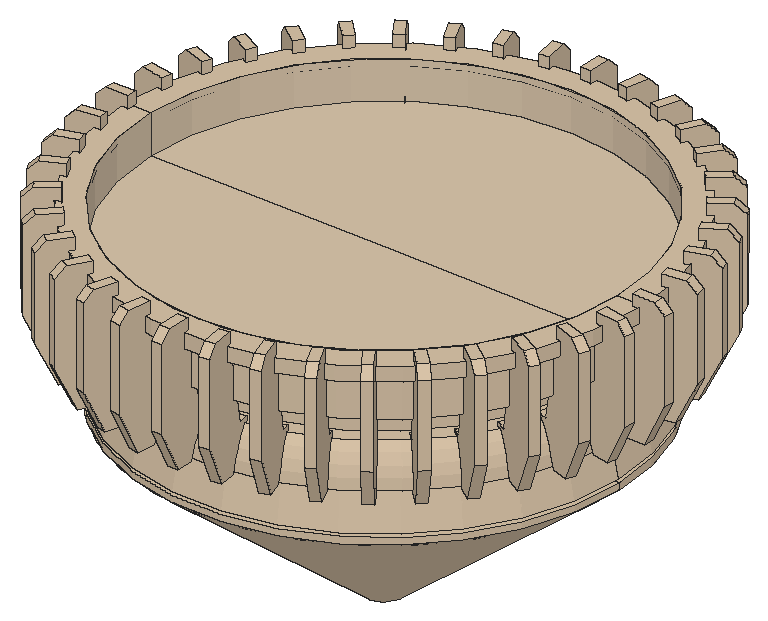
Revit family "KHL_Kemlux-Cone", category Lighting Fixtures, host Face, Revit 2013
Parameters (values of type "KHL-18L-X-5K-5M")
  Wattage Comments = "43 Watts, 18 LEDs"
  Wattage = 43 W
  Watt = 43 W
  built-in parameter 1150110 = 1 (stored number, unit not read)
  Voltage = 277 V
  URL = "http://www.hubbellindustrial.com/"
  built-in parameter 1114217 = 1 (stored number, unit not read)
  Tilt Angle = -90.00°
  built-in parameter 1150109 = 1 (stored number, unit not read)
  built-in parameter 1150134 = 2
  built-in parameter 1150113 = 1 (stored number, unit not read)
  Product Page URL = "http://www.hubbellindustrial.com/products/kh_iii_led"
  Product Documentation Link = "http://cdn.hubbellindustrial.com/content/products/specs/specs_files/hil_khl_specsht.pdf"
  Power Factor = 1
  Photometric Web Link = "http://www.hubbellindustrial.com/products/khl_flood"
  Photometric Web File = "KXL-18L-X-5K-5M.ies"
  Optics = "Type V Square"
  Model = "KHL - Kemlux III LED"  # constant formula
  Material Finish = Hubbell - Tan
  Manufacturer = "Hubbell Industrial Lighting"  # constant formula
  built-in parameter 1150105 = 345.6 (stored number, unit not read)
  Lumens = 4343 lm
  built-in parameter 1150115 = 1 (stored number, unit not read)
  Load Classification = Lighting
  built-in parameter 1150137 = (empty or 0)
  built-in parameter 1150139 = (empty or 0)
  built-in parameter 1150112 = 1 (stored number, unit not read)
  built-in parameter 1150114 = 1 (stored number, unit not read)
  Lamp = "18 High Performanc LEDs"
  built-in parameter 1150132 = (empty or 0)
  built-in parameter 1150102 = (empty or 0)
  built-in parameter 1150107 = 5000 (stored number, unit not read)
  built-in parameter 1150138 = (empty or 0)
  built-in parameter 1150106 = 3.456 (stored number, unit not read)
  Glass = Hubbell - White Glass
  Emit from Circle Diameter = 0' - 11"
  Emit Shape Visible in Rendering = no
  built-in parameter 1150104 = 9.3832 (stored number, unit not read)
  Dimming Lamp Color Temperature Shift = <None>
  Description = "Class I, Division 2 LED Fixture Series"  # constant formula
  Default Elevation = 4' - 0"
  Color Filter = 16777215
  built-in parameter 1114218 = 1 (stored number, unit not read)
  built-in parameter 1150133 = 10 (stored number, unit not read)
  Apparent Load = Watt / Power Factor  # 43 VA
Reference planes (in)
  plane 1 "Center (Front/Back)": y = 0
  plane 2: z = 0
  plane 3 "Center (Left/Right)": x = 0
  plane 4: x = -7
  plane 5: x = 7
Forms (in)
  Revolve 1, solid, material "Hubbell - Tan" <- "Material Finish"
    sketch origin (0, 0, 0) x (1, 0, 0) y (0, 0, 1)
      loop
        line (0, 0) -> (0.5, 0) -> (6, 4.37652) -> (0, 4.37652) -> (0, 0)
      axis (0, 4.37652) -> (0, 0)
    angle from 0 to 360
Dimensions and locks (in)
  equal spacing: plane 5, plane 3 "Center (Left/Right)", plane 4, locked at 7 each
  aligned and locked: plane 2 to host face
  aligned and locked: level to host face
  aligned and locked: nested 1 to plane 3 "Center (Left/Right)"
  aligned and locked: nested 1 to plane 1 "Center (Front/Back)"
  aligned and locked: plane 3 "Center (Left/Right)" to imposter light
  aligned and locked: imposter light to plane 1 "Center (Front/Back)"
  aligned and locked: imposter light to nested 1
Automatic sketch dimensions
  host sketch curve to host sketch curve = 8' - 0"  (x2)
  Revolve 1 sketch curve to level = 0' - 0"
  plane 5 to Revolve 1 sketch curve = 0' - 1"
  level to Revolve 1 sketch curve = 0' - 4.37652"
  Revolve 1 sketch curve to plane 3 "Center (Left/Right)" = 0' - 0"  (x2)
  plane 3 "Center (Left/Right)" to Revolve 1 sketch curve = 0' - 0 1/2"
  Revolve 1 sketch curve to level = 0' - 6.62348"
  Revolve 1 sketch curve to Revolve 1 sketch curve = 1' - 3 1/2"
Nested families (in)
  nested 1: "KHL" at (0, 0, 4.37652) x (-1, 0, 0) z (0, 0, 1), type "KHL"
Connectors (in)
  electrical at (0, 0, 4.37652), driven by "Load Classification", driven by "Voltage", driven by "Apparent Load", driven by "Power Factor"
    settings: on nested 1, index 1, voltage 277 V, apparent load 43 VA, apparent load phase1 0 VA, apparent load phase2 0 VA, apparent load phase3 0 VA, power factor 1, load classification "Lighting", number of poles 1, system type 30, power factor state 1, is connector primary yes, connector utility no, sub classification motor no, connector description "Lighting Connector"
Definition of nested family "KHL"
  Parameters (values of type "KHL")
    Wattage Comments = ""
    URL = ""
    Model = ""
    Material Finish = none
    Manufacturer = ""
    Lamp = ""
    IES FILE LINK = ""
    Glass = none
    Description = ""
    Default Elevation = 4' - 0"
    Apparent Load = 0 VA
  Reference planes (in)
    plane 1 "Center (Front/Back)": y = 0
    plane 2: z = 0
    plane 3 "Center (Left/Right)": x = 0
    plane 4: x = -7.25
    plane 5: x = 7.25
    plane 6: x = -5.5
    plane 7: x = 5.5
  Forms (in)
    Extrusion 1, solid
      sketch origin (0, 0, 0) x (1, 0, 0) y (0, 1, 0)
        loop
          line (-48, 48) -> (-48, -48) -> (48, -48) -> (48, 48) -> (-48, 48)
      from 0 to -12
    Revolve 2, solid, material <- "Material Finish"
      sketch origin (0, 0, -1.3125) x (1, 0, 0) y (0, 0, 1)
        loop
          line (5.73742, 2.6875) -> (6.24933, 2.6875)
          arc (6.24933, 2.6875) -> (6.15662, 3.19814) -> (5.89032, 3.6436) r 1.45262
          line (5.89032, 3.6436) -> (5.5, 3.6436) -> (5.5, 4.37254) -> (6.34375, 4.37254) -> (6.34375, 5.37007) -> (6.59375, 5.37007) -> (6.59375, 5.71977) -> (5.95302, 5.71977) -> (5.95302, 4.75) -> (0, 4.75) -> (0, 1.3125) -> (6, 1.3125) -> (6, 1.47979) -> (5.5, 1.47979) -> (5.5, 1.5625) -> (5.99031, 1.5625) -> (5.73742, 2.6875)
        axis (0, 5.71977) -> (0, 1.3125)
      angle from 0 to 360
    Extrusion 3, solid, material <- "Glass"
      sketch origin (0, 0, -1.3125) x (1, 0, 0) y (0, 1, 0)
        loop
          circle (0, 0) r 5.95302
      from 5.71977 to 5.56262
    Extrusion 4, solid, material <- "Material Finish"
      sketch origin (0, 0, -1.3125) x (1, 0, 0) y (0, 0, 1)
        loop
          line (6.42821, 6) -> (6.42821, 5.66655) -> (6.045, 3.7335) -> (5.75, 3.7335) -> (5.75, 3.06247) -> (6.1875, 3.06247) -> (6.31956, 2.66852) -> (6.75, 2.66852) -> (7.25, 3.69367) -> (7.25, 5.75) -> (7, 6) -> (6.42821, 6)
      from 0.125 to -0.125
    Extrusion 5, solid, material <- "Material Finish"
      sketch origin (0, 0, -1.3125) x (0.987688, -0.156434, 0) y (0, 0, 1)
        loop
          line (6.42821, 6) -> (6.42821, 5.66655) -> (6.045, 3.7335) -> (5.75, 3.7335) -> (5.75, 3.06247) -> (6.1875, 3.06247) -> (6.31956, 2.66852) -> (6.75, 2.66852) -> (7.25, 3.69367) -> (7.25, 5.75) -> (7, 6) -> (6.42821, 6)
      from 0.125 to -0.125
    Extrusion 6, solid, material <- "Material Finish"
      sketch origin (0, 0, -1.3125) x (0.951057, -0.309017, 0) y (0, 0, 1)
        loop
          line (6.42821, 6) -> (6.42821, 5.66655) -> (6.045, 3.7335) -> (5.75, 3.7335) -> (5.75, 3.06247) -> (6.1875, 3.06247) -> (6.31956, 2.66852) -> (6.75, 2.66852) -> (7.25, 3.69367) -> (7.25, 5.75) -> (7, 6) -> (6.42821, 6)
      from 0.125 to -0.125
    Extrusion 7, solid, material <- "Material Finish"
      sketch origin (0, 0, -1.3125) x (0.891007, -0.45399, 0) y (0, 0, 1)
        loop
          line (6.42821, 6) -> (6.42821, 5.66655) -> (6.045, 3.7335) -> (5.75, 3.7335) -> (5.75, 3.06247) -> (6.1875, 3.06247) -> (6.31956, 2.66852) -> (6.75, 2.66852) -> (7.25, 3.69367) -> (7.25, 5.75) -> (7, 6) -> (6.42821, 6)
      from 0.125 to -0.125
    Extrusion 8, solid, material <- "Material Finish"
      sketch origin (0, 0, -1.3125) x (0.809017, -0.587785, 0) y (0, 0, 1)
        loop
          line (6.42821, 6) -> (6.42821, 5.66655) -> (6.045, 3.7335) -> (5.75, 3.7335) -> (5.75, 3.06247) -> (6.1875, 3.06247) -> (6.31956, 2.66852) -> (6.75, 2.66852) -> (7.25, 3.69367) -> (7.25, 5.75) -> (7, 6) -> (6.42821, 6)
      from 0.125 to -0.125
    Extrusion 9, solid, material <- "Material Finish"
      sketch origin (0, 0, -1.3125) x (0.707107, -0.707107, 0) y (0, 0, 1)
        loop
          line (6.42821, 6) -> (6.42821, 5.66655) -> (6.045, 3.7335) -> (5.75, 3.7335) -> (5.75, 3.06247) -> (6.1875, 3.06247) -> (6.31956, 2.66852) -> (6.75, 2.66852) -> (7.25, 3.69367) -> (7.25, 5.75) -> (7, 6) -> (6.42821, 6)
      from 0.125 to -0.125
    Extrusion 10, solid, material <- "Material Finish"
      sketch origin (0, 0, -1.3125) x (0.587785, -0.809017, 0) y (0, 0, 1)
        loop
          line (6.42821, 6) -> (6.42821, 5.66655) -> (6.045, 3.7335) -> (5.75, 3.7335) -> (5.75, 3.06247) -> (6.1875, 3.06247) -> (6.31956, 2.66852) -> (6.75, 2.66852) -> (7.25, 3.69367) -> (7.25, 5.75) -> (7, 6) -> (6.42821, 6)
      from 0.125 to -0.125
    Extrusion 11, solid, material <- "Material Finish"
      sketch origin (0, 0, -1.3125) x (0.45399, -0.891007, 0) y (0, 0, 1)
        loop
          line (6.42821, 6) -> (6.42821, 5.66655) -> (6.045, 3.7335) -> (5.75, 3.7335) -> (5.75, 3.06247) -> (6.1875, 3.06247) -> (6.31956, 2.66852) -> (6.75, 2.66852) -> (7.25, 3.69367) -> (7.25, 5.75) -> (7, 6) -> (6.42821, 6)
      from 0.125 to -0.125
    Extrusion 12, solid, material <- "Material Finish"
      sketch origin (0, 0, -1.3125) x (0.309017, -0.951057, 0) y (0, 0, 1)
        loop
          line (6.42821, 6) -> (6.42821, 5.66655) -> (6.045, 3.7335) -> (5.75, 3.7335) -> (5.75, 3.06247) -> (6.1875, 3.06247) -> (6.31956, 2.66852) -> (6.75, 2.66852) -> (7.25, 3.69367) -> (7.25, 5.75) -> (7, 6) -> (6.42821, 6)
      from 0.125 to -0.125
    Extrusion 13, solid, material <- "Material Finish"
      sketch origin (0, 0, -1.3125) x (0.156434, -0.987688, 0) y (0, 0, 1)
        loop
          line (6.42821, 6) -> (6.42821, 5.66655) -> (6.045, 3.7335) -> (5.75, 3.7335) -> (5.75, 3.06247) -> (6.1875, 3.06247) -> (6.31956, 2.66852) -> (6.75, 2.66852) -> (7.25, 3.69367) -> (7.25, 5.75) -> (7, 6) -> (6.42821, 6)
      from 0.125 to -0.125
    Extrusion 14, solid, material <- "Material Finish"
      sketch origin (0, 0, -1.3125) x (0, -1, 0) y (0, 0, 1)
        loop
          line (6.42821, 6) -> (6.42821, 5.66655) -> (6.045, 3.7335) -> (5.75, 3.7335) -> (5.75, 3.06247) -> (6.1875, 3.06247) -> (6.31956, 2.66852) -> (6.75, 2.66852) -> (7.25, 3.69367) -> (7.25, 5.75) -> (7, 6) -> (6.42821, 6)
      from 0.125 to -0.125
    Extrusion 15, solid, material <- "Material Finish"
      sketch origin (0, 0, -1.3125) x (-0.156434, -0.987688, 0) y (0, 0, 1)
        loop
          line (6.42821, 6) -> (6.42821, 5.66655) -> (6.045, 3.7335) -> (5.75, 3.7335) -> (5.75, 3.06247) -> (6.1875, 3.06247) -> (6.31956, 2.66852) -> (6.75, 2.66852) -> (7.25, 3.69367) -> (7.25, 5.75) -> (7, 6) -> (6.42821, 6)
      from 0.125 to -0.125
    Extrusion 16, solid, material <- "Material Finish"
      sketch origin (0, 0, -1.3125) x (-0.309017, -0.951057, 0) y (0, 0, 1)
        loop
          line (6.42821, 6) -> (6.42821, 5.66655) -> (6.045, 3.7335) -> (5.75, 3.7335) -> (5.75, 3.06247) -> (6.1875, 3.06247) -> (6.31956, 2.66852) -> (6.75, 2.66852) -> (7.25, 3.69367) -> (7.25, 5.75) -> (7, 6) -> (6.42821, 6)
      from 0.125 to -0.125
    Extrusion 17, solid, material <- "Material Finish"
      sketch origin (0, 0, -1.3125) x (-0.45399, -0.891007, 0) y (0, 0, 1)
        loop
          line (6.42821, 6) -> (6.42821, 5.66655) -> (6.045, 3.7335) -> (5.75, 3.7335) -> (5.75, 3.06247) -> (6.1875, 3.06247) -> (6.31956, 2.66852) -> (6.75, 2.66852) -> (7.25, 3.69367) -> (7.25, 5.75) -> (7, 6) -> (6.42821, 6)
      from 0.125 to -0.125
    Extrusion 18, solid, material <- "Material Finish"
      sketch origin (0, 0, -1.3125) x (-0.587785, -0.809017, 0) y (0, 0, 1)
        loop
          line (6.42821, 6) -> (6.42821, 5.66655) -> (6.045, 3.7335) -> (5.75, 3.7335) -> (5.75, 3.06247) -> (6.1875, 3.06247) -> (6.31956, 2.66852) -> (6.75, 2.66852) -> (7.25, 3.69367) -> (7.25, 5.75) -> (7, 6) -> (6.42821, 6)
      from 0.125 to -0.125
    Extrusion 19, solid, material <- "Material Finish"
      sketch origin (0, 0, -1.3125) x (-0.707107, -0.707107, 0) y (0, 0, 1)
        loop
          line (6.42821, 6) -> (6.42821, 5.66655) -> (6.045, 3.7335) -> (5.75, 3.7335) -> (5.75, 3.06247) -> (6.1875, 3.06247) -> (6.31956, 2.66852) -> (6.75, 2.66852) -> (7.25, 3.69367) -> (7.25, 5.75) -> (7, 6) -> (6.42821, 6)
      from 0.125 to -0.125
    Extrusion 20, solid, material <- "Material Finish"
      sketch origin (0, 0, -1.3125) x (-0.809017, -0.587785, 0) y (0, 0, 1)
        loop
          line (6.42821, 6) -> (6.42821, 5.66655) -> (6.045, 3.7335) -> (5.75, 3.7335) -> (5.75, 3.06247) -> (6.1875, 3.06247) -> (6.31956, 2.66852) -> (6.75, 2.66852) -> (7.25, 3.69367) -> (7.25, 5.75) -> (7, 6) -> (6.42821, 6)
      from 0.125 to -0.125
    Extrusion 21, solid, material <- "Material Finish"
      sketch origin (0, 0, -1.3125) x (-0.891007, -0.45399, 0) y (0, 0, 1)
        loop
          line (6.42821, 6) -> (6.42821, 5.66655) -> (6.045, 3.7335) -> (5.75, 3.7335) -> (5.75, 3.06247) -> (6.1875, 3.06247) -> (6.31956, 2.66852) -> (6.75, 2.66852) -> (7.25, 3.69367) -> (7.25, 5.75) -> (7, 6) -> (6.42821, 6)
      from 0.125 to -0.125
    Extrusion 22, solid, material <- "Material Finish"
      sketch origin (0, 0, -1.3125) x (-0.951057, -0.309017, 0) y (0, 0, 1)
        loop
          line (6.42821, 6) -> (6.42821, 5.66655) -> (6.045, 3.7335) -> (5.75, 3.7335) -> (5.75, 3.06247) -> (6.1875, 3.06247) -> (6.31956, 2.66852) -> (6.75, 2.66852) -> (7.25, 3.69367) -> (7.25, 5.75) -> (7, 6) -> (6.42821, 6)
      from 0.125 to -0.125
    Extrusion 23, solid, material <- "Material Finish"
      sketch origin (0, 0, -1.3125) x (-0.987688, -0.156434, 0) y (0, 0, 1)
        loop
          line (6.42821, 6) -> (6.42821, 5.66655) -> (6.045, 3.7335) -> (5.75, 3.7335) -> (5.75, 3.06247) -> (6.1875, 3.06247) -> (6.31956, 2.66852) -> (6.75, 2.66852) -> (7.25, 3.69367) -> (7.25, 5.75) -> (7, 6) -> (6.42821, 6)
      from 0.125 to -0.125
    Extrusion 24, solid, material <- "Material Finish"
      sketch origin (0, 0, -1.3125) x (-1, 0, 0) y (0, 0, 1)
        loop
          line (6.42821, 6) -> (6.42821, 5.66655) -> (6.045, 3.7335) -> (5.75, 3.7335) -> (5.75, 3.06247) -> (6.1875, 3.06247) -> (6.31956, 2.66852) -> (6.75, 2.66852) -> (7.25, 3.69367) -> (7.25, 5.75) -> (7, 6) -> (6.42821, 6)
      from 0.125 to -0.125
    Extrusion 25, solid, material <- "Material Finish"
      sketch origin (0, 0, -1.3125) x (-0.987688, 0.156434, 0) y (0, 0, 1)
        loop
          line (6.42821, 6) -> (6.42821, 5.66655) -> (6.045, 3.7335) -> (5.75, 3.7335) -> (5.75, 3.06247) -> (6.1875, 3.06247) -> (6.31956, 2.66852) -> (6.75, 2.66852) -> (7.25, 3.69367) -> (7.25, 5.75) -> (7, 6) -> (6.42821, 6)
      from 0.125 to -0.125
    Extrusion 26, solid, material <- "Material Finish"
      sketch origin (0, 0, -1.3125) x (-0.951057, 0.309017, 0) y (0, 0, 1)
        loop
          line (6.42821, 6) -> (6.42821, 5.66655) -> (6.045, 3.7335) -> (5.75, 3.7335) -> (5.75, 3.06247) -> (6.1875, 3.06247) -> (6.31956, 2.66852) -> (6.75, 2.66852) -> (7.25, 3.69367) -> (7.25, 5.75) -> (7, 6) -> (6.42821, 6)
      from 0.125 to -0.125
    Extrusion 27, solid, material <- "Material Finish"
      sketch origin (0, 0, -1.3125) x (-0.891007, 0.45399, 0) y (0, 0, 1)
        loop
          line (6.42821, 6) -> (6.42821, 5.66655) -> (6.045, 3.7335) -> (5.75, 3.7335) -> (5.75, 3.06247) -> (6.1875, 3.06247) -> (6.31956, 2.66852) -> (6.75, 2.66852) -> (7.25, 3.69367) -> (7.25, 5.75) -> (7, 6) -> (6.42821, 6)
      from 0.125 to -0.125
    Extrusion 28, solid, material <- "Material Finish"
      sketch origin (0, 0, -1.3125) x (-0.809017, 0.587785, 0) y (0, 0, 1)
        loop
          line (6.42821, 6) -> (6.42821, 5.66655) -> (6.045, 3.7335) -> (5.75, 3.7335) -> (5.75, 3.06247) -> (6.1875, 3.06247) -> (6.31956, 2.66852) -> (6.75, 2.66852) -> (7.25, 3.69367) -> (7.25, 5.75) -> (7, 6) -> (6.42821, 6)
      from 0.125 to -0.125
    Extrusion 29, solid, material <- "Material Finish"
      sketch origin (0, 0, -1.3125) x (-0.707107, 0.707107, 0) y (0, 0, 1)
        loop
          line (6.42821, 6) -> (6.42821, 5.66655) -> (6.045, 3.7335) -> (5.75, 3.7335) -> (5.75, 3.06247) -> (6.1875, 3.06247) -> (6.31956, 2.66852) -> (6.75, 2.66852) -> (7.25, 3.69367) -> (7.25, 5.75) -> (7, 6) -> (6.42821, 6)
      from 0.125 to -0.125
    Extrusion 30, solid, material <- "Material Finish"
      sketch origin (0, 0, -1.3125) x (-0.587785, 0.809017, 0) y (0, 0, 1)
        loop
          line (6.42821, 6) -> (6.42821, 5.66655) -> (6.045, 3.7335) -> (5.75, 3.7335) -> (5.75, 3.06247) -> (6.1875, 3.06247) -> (6.31956, 2.66852) -> (6.75, 2.66852) -> (7.25, 3.69367) -> (7.25, 5.75) -> (7, 6) -> (6.42821, 6)
      from 0.125 to -0.125
    Extrusion 31, solid, material <- "Material Finish"
      sketch origin (0, 0, -1.3125) x (-0.45399, 0.891007, 0) y (0, 0, 1)
        loop
          line (6.42821, 6) -> (6.42821, 5.66655) -> (6.045, 3.7335) -> (5.75, 3.7335) -> (5.75, 3.06247) -> (6.1875, 3.06247) -> (6.31956, 2.66852) -> (6.75, 2.66852) -> (7.25, 3.69367) -> (7.25, 5.75) -> (7, 6) -> (6.42821, 6)
      from 0.125 to -0.125
    Extrusion 32, solid, material <- "Material Finish"
      sketch origin (0, 0, -1.3125) x (-0.309017, 0.951057, 0) y (0, 0, 1)
        loop
          line (6.42821, 6) -> (6.42821, 5.66655) -> (6.045, 3.7335) -> (5.75, 3.7335) -> (5.75, 3.06247) -> (6.1875, 3.06247) -> (6.31956, 2.66852) -> (6.75, 2.66852) -> (7.25, 3.69367) -> (7.25, 5.75) -> (7, 6) -> (6.42821, 6)
      from 0.125 to -0.125
    Extrusion 33, solid, material <- "Material Finish"
      sketch origin (0, 0, -1.3125) x (-0.156434, 0.987688, 0) y (0, 0, 1)
        loop
          line (6.42821, 6) -> (6.42821, 5.66655) -> (6.045, 3.7335) -> (5.75, 3.7335) -> (5.75, 3.06247) -> (6.1875, 3.06247) -> (6.31956, 2.66852) -> (6.75, 2.66852) -> (7.25, 3.69367) -> (7.25, 5.75) -> (7, 6) -> (6.42821, 6)
      from 0.125 to -0.125
    Extrusion 34, solid, material <- "Material Finish"
      sketch origin (0, 0, -1.3125) x (0, 1, 0) y (0, 0, 1)
        loop
          line (6.42821, 6) -> (6.42821, 5.66655) -> (6.045, 3.7335) -> (5.75, 3.7335) -> (5.75, 3.06247) -> (6.1875, 3.06247) -> (6.31956, 2.66852) -> (6.75, 2.66852) -> (7.25, 3.69367) -> (7.25, 5.75) -> (7, 6) -> (6.42821, 6)
      from 0.125 to -0.125
    Extrusion 35, solid, material <- "Material Finish"
      sketch origin (0, 0, -1.3125) x (0.156434, 0.987688, 0) y (0, 0, 1)
        loop
          line (6.42821, 6) -> (6.42821, 5.66655) -> (6.045, 3.7335) -> (5.75, 3.7335) -> (5.75, 3.06247) -> (6.1875, 3.06247) -> (6.31956, 2.66852) -> (6.75, 2.66852) -> (7.25, 3.69367) -> (7.25, 5.75) -> (7, 6) -> (6.42821, 6)
      from 0.125 to -0.125
    Extrusion 36, solid, material <- "Material Finish"
      sketch origin (0, 0, -1.3125) x (0.309017, 0.951057, 0) y (0, 0, 1)
        loop
          line (6.42821, 6) -> (6.42821, 5.66655) -> (6.045, 3.7335) -> (5.75, 3.7335) -> (5.75, 3.06247) -> (6.1875, 3.06247) -> (6.31956, 2.66852) -> (6.75, 2.66852) -> (7.25, 3.69367) -> (7.25, 5.75) -> (7, 6) -> (6.42821, 6)
      from 0.125 to -0.125
    Extrusion 37, solid, material <- "Material Finish"
      sketch origin (0, 0, -1.3125) x (0.45399, 0.891007, 0) y (0, 0, 1)
        loop
          line (6.42821, 6) -> (6.42821, 5.66655) -> (6.045, 3.7335) -> (5.75, 3.7335) -> (5.75, 3.06247) -> (6.1875, 3.06247) -> (6.31956, 2.66852) -> (6.75, 2.66852) -> (7.25, 3.69367) -> (7.25, 5.75) -> (7, 6) -> (6.42821, 6)
      from 0.125 to -0.125
    Extrusion 38, solid, material <- "Material Finish"
      sketch origin (0, 0, -1.3125) x (0.587785, 0.809017, 0) y (0, 0, 1)
        loop
          line (6.42821, 6) -> (6.42821, 5.66655) -> (6.045, 3.7335) -> (5.75, 3.7335) -> (5.75, 3.06247) -> (6.1875, 3.06247) -> (6.31956, 2.66852) -> (6.75, 2.66852) -> (7.25, 3.69367) -> (7.25, 5.75) -> (7, 6) -> (6.42821, 6)
      from 0.125 to -0.125
    Extrusion 39, solid, material <- "Material Finish"
      sketch origin (0, 0, -1.3125) x (0.707107, 0.707107, 0) y (0, 0, 1)
        loop
          line (6.42821, 6) -> (6.42821, 5.66655) -> (6.045, 3.7335) -> (5.75, 3.7335) -> (5.75, 3.06247) -> (6.1875, 3.06247) -> (6.31956, 2.66852) -> (6.75, 2.66852) -> (7.25, 3.69367) -> (7.25, 5.75) -> (7, 6) -> (6.42821, 6)
      from 0.125 to -0.125
    Extrusion 40, solid, material <- "Material Finish"
      sketch origin (0, 0, -1.3125) x (0.809017, 0.587785, 0) y (0, 0, 1)
        loop
          line (6.42821, 6) -> (6.42821, 5.66655) -> (6.045, 3.7335) -> (5.75, 3.7335) -> (5.75, 3.06247) -> (6.1875, 3.06247) -> (6.31956, 2.66852) -> (6.75, 2.66852) -> (7.25, 3.69367) -> (7.25, 5.75) -> (7, 6) -> (6.42821, 6)
      from 0.125 to -0.125
    Extrusion 41, solid, material <- "Material Finish"
      sketch origin (0, 0, -1.3125) x (0.891007, 0.45399, 0) y (0, 0, 1)
        loop
          line (6.42821, 6) -> (6.42821, 5.66655) -> (6.045, 3.7335) -> (5.75, 3.7335) -> (5.75, 3.06247) -> (6.1875, 3.06247) -> (6.31956, 2.66852) -> (6.75, 2.66852) -> (7.25, 3.69367) -> (7.25, 5.75) -> (7, 6) -> (6.42821, 6)
      from 0.125 to -0.125
    Extrusion 42, solid, material <- "Material Finish"
      sketch origin (0, 0, -1.3125) x (0.951057, 0.309017, 0) y (0, 0, 1)
        loop
          line (6.42821, 6) -> (6.42821, 5.66655) -> (6.045, 3.7335) -> (5.75, 3.7335) -> (5.75, 3.06247) -> (6.1875, 3.06247) -> (6.31956, 2.66852) -> (6.75, 2.66852) -> (7.25, 3.69367) -> (7.25, 5.75) -> (7, 6) -> (6.42821, 6)
      from 0.125 to -0.125
    Extrusion 43, solid, material <- "Material Finish"
      sketch origin (0, 0, -1.3125) x (0.987688, 0.156434, 0) y (0, 0, 1)
        loop
          line (6.42821, 6) -> (6.42821, 5.66655) -> (6.045, 3.7335) -> (5.75, 3.7335) -> (5.75, 3.06247) -> (6.1875, 3.06247) -> (6.31956, 2.66852) -> (6.75, 2.66852) -> (7.25, 3.69367) -> (7.25, 5.75) -> (7, 6) -> (6.42821, 6)
      from 0.125 to -0.125
  Lines and regions (in)
    reference lines
      curve 1: line (5.95302, 0, 4.75) -> (0, 0, 4.75)
      curve 2: line (5.95302, 0, 5.92266) -> (5.95302, 0, 4.75)
      curve 3: line (6.59375, 0, 5.37007) -> (6.59375, 0, 5.92266)
      curve 4: line (6.34375, 0, 5.37007) -> (6.59375, 0, 5.37007)
      curve 5: line (6.34375, 0, 4.37254) -> (5.5, 0, 4.37254)
      curve 6: line (6.34375, 0, 4.37254) -> (6.34375, 0, 5.37007)
      curve 7: arc (6.25, 0, 2.75) -> (6.14885, 0, 3.28681) -> (5.85927, 0, 3.75) r 1.47501
      curve 8: line (5.85927, 0, 2.75) -> (6.25, 0, 2.75)
      curve 9: line (5.85927, 0, 2.75) -> (5.85927, 0, 1.75)
      curve 10: line (5.85927, 0, 1.75) -> (4.74529, 0, 1.75)
      curve 11: line (5.85927, 0, 3.75) -> (4.8978, 0, 3.75)
      curve 12: line (5.10824, 0, 5.71977) -> (6.99125, 0, 5.71977)
  Dimensions and locks (in)
    equal spacing: plane 5, plane 3 "Center (Left/Right)", plane 4
    locked: plane 5 to plane 4 at 14.5
    equal spacing: plane 7, plane 3 "Center (Left/Right)", plane 6, locked at 5.5 each
    aligned and locked: plane 2 to Extrusion 1
    aligned and locked: level to Extrusion 1
    aligned and locked: Extrusion 3 sketch curve to Revolve 2
  Automatic sketch dimensions
    Extrusion 4 sketch curve to Extrusion 4 sketch curve = 0' - 0 7/16"
    Extrusion 4 sketch curve to Extrusion 4 sketch curve = 0' - 0.13206"
    Extrusion 4 sketch curve to Extrusion 4 sketch curve = 0' - 0.295"
    Extrusion 4 sketch curve to Extrusion 4 sketch curve = 0' - 0.38321"
    Extrusion 4 sketch curve to Extrusion 4 sketch curve = 0' - 0.43044"
    Extrusion 4 sketch curve to Extrusion 4 sketch curve = 0' - 0.57179"
    Extrusion 4 sketch curve to Extrusion 4 sketch curve = 0' - 0 1/4"  (x2)
    Extrusion 4 sketch curve to Extrusion 4 sketch curve = 0' - 0.39395"
    Extrusion 4 sketch curve to Extrusion 4 sketch curve = 0' - 1.02515"
    Extrusion 4 sketch curve to Extrusion 4 sketch curve = 0' - 0.67103"
    Extrusion 4 sketch curve to Extrusion 4 sketch curve = 0' - 1.93305"
    Extrusion 4 sketch curve to Extrusion 4 sketch curve = 0' - 0.08345"
    Extrusion 5 sketch curve to Extrusion 5 sketch curve = 0' - 0 7/16"
    Extrusion 5 sketch curve to Extrusion 5 sketch curve = 0' - 0.13206"
    Extrusion 5 sketch curve to Extrusion 5 sketch curve = 0' - 0.295"
    Extrusion 5 sketch curve to Extrusion 5 sketch curve = 0' - 0.38321"
    Extrusion 5 sketch curve to Extrusion 5 sketch curve = 0' - 0.43044"
    Extrusion 5 sketch curve to Extrusion 5 sketch curve = 0' - 0.57179"
    Extrusion 5 sketch curve to Extrusion 5 sketch curve = 0' - 0 1/4"  (x2)
    Extrusion 5 sketch curve to Extrusion 5 sketch curve = 0' - 0.39395"
    Extrusion 5 sketch curve to Extrusion 5 sketch curve = 0' - 1.02515"
    Extrusion 5 sketch curve to Extrusion 5 sketch curve = 0' - 0.67103"
    Extrusion 5 sketch curve to Extrusion 5 sketch curve = 0' - 1.93305"
    Extrusion 5 sketch curve to Extrusion 5 sketch curve = 0' - 0.08345"
    Extrusion 6 sketch curve to Extrusion 6 sketch curve = 0' - 0 7/16"
    Extrusion 6 sketch curve to Extrusion 6 sketch curve = 0' - 0.13206"
    Extrusion 6 sketch curve to Extrusion 6 sketch curve = 0' - 0.295"
    Extrusion 6 sketch curve to Extrusion 6 sketch curve = 0' - 0.38321"
    Extrusion 6 sketch curve to Extrusion 6 sketch curve = 0' - 0.43044"
    Extrusion 6 sketch curve to Extrusion 6 sketch curve = 0' - 0.57179"
    Extrusion 6 sketch curve to Extrusion 6 sketch curve = 0' - 0 1/4"  (x2)
    Extrusion 6 sketch curve to Extrusion 6 sketch curve = 0' - 0.39395"
    Extrusion 6 sketch curve to Extrusion 6 sketch curve = 0' - 1.02515"
    Extrusion 6 sketch curve to Extrusion 6 sketch curve = 0' - 0.67103"
    Extrusion 6 sketch curve to Extrusion 6 sketch curve = 0' - 1.93305"
    Extrusion 6 sketch curve to Extrusion 6 sketch curve = 0' - 0.08345"
    Extrusion 7 sketch curve to Extrusion 7 sketch curve = 0' - 0 7/16"
    Extrusion 7 sketch curve to Extrusion 7 sketch curve = 0' - 0.13206"
    Extrusion 7 sketch curve to Extrusion 7 sketch curve = 0' - 0.295"
    Extrusion 7 sketch curve to Extrusion 7 sketch curve = 0' - 0.38321"
    Extrusion 7 sketch curve to Extrusion 7 sketch curve = 0' - 0.43044"
    Extrusion 7 sketch curve to Extrusion 7 sketch curve = 0' - 0.57179"
    Extrusion 7 sketch curve to Extrusion 7 sketch curve = 0' - 0 1/4"  (x2)
    Extrusion 7 sketch curve to Extrusion 7 sketch curve = 0' - 0.39395"
    Extrusion 7 sketch curve to Extrusion 7 sketch curve = 0' - 1.02515"
    Extrusion 7 sketch curve to Extrusion 7 sketch curve = 0' - 0.67103"
    Extrusion 7 sketch curve to Extrusion 7 sketch curve = 0' - 1.93305"
    Extrusion 7 sketch curve to Extrusion 7 sketch curve = 0' - 0.08345"
    Extrusion 8 sketch curve to Extrusion 8 sketch curve = 0' - 0 7/16"
    Extrusion 8 sketch curve to Extrusion 8 sketch curve = 0' - 0.13206"
    Extrusion 8 sketch curve to Extrusion 8 sketch curve = 0' - 0.295"
    Extrusion 8 sketch curve to Extrusion 8 sketch curve = 0' - 0.38321"
    Extrusion 8 sketch curve to Extrusion 8 sketch curve = 0' - 0.43044"
    Extrusion 8 sketch curve to Extrusion 8 sketch curve = 0' - 0.57179"
    Extrusion 8 sketch curve to Extrusion 8 sketch curve = 0' - 0 1/4"  (x2)
    Extrusion 8 sketch curve to Extrusion 8 sketch curve = 0' - 0.39395"
    Extrusion 8 sketch curve to Extrusion 8 sketch curve = 0' - 1.02515"
    Extrusion 8 sketch curve to Extrusion 8 sketch curve = 0' - 0.67103"
    Extrusion 8 sketch curve to Extrusion 8 sketch curve = 0' - 1.93305"
    Extrusion 8 sketch curve to Extrusion 8 sketch curve = 0' - 0.08345"
    Extrusion 9 sketch curve to Extrusion 9 sketch curve = 0' - 0 7/16"
    Extrusion 9 sketch curve to Extrusion 9 sketch curve = 0' - 0.13206"
    Extrusion 9 sketch curve to Extrusion 9 sketch curve = 0' - 0.295"
    Extrusion 9 sketch curve to Extrusion 9 sketch curve = 0' - 0.38321"
    Extrusion 9 sketch curve to Extrusion 9 sketch curve = 0' - 0.43044"
    Extrusion 9 sketch curve to Extrusion 9 sketch curve = 0' - 0.57179"
    Extrusion 9 sketch curve to Extrusion 9 sketch curve = 0' - 0 1/4"  (x2)
    Extrusion 9 sketch curve to Extrusion 9 sketch curve = 0' - 0.39395"
    Extrusion 9 sketch curve to Extrusion 9 sketch curve = 0' - 1.02515"
    Extrusion 9 sketch curve to Extrusion 9 sketch curve = 0' - 0.67103"
    Extrusion 9 sketch curve to Extrusion 9 sketch curve = 0' - 1.93305"
    Extrusion 9 sketch curve to Extrusion 9 sketch curve = 0' - 0.08345"
    Extrusion 10 sketch curve to Extrusion 10 sketch curve = 0' - 0 7/16"
    Extrusion 10 sketch curve to Extrusion 10 sketch curve = 0' - 0.13206"
    Extrusion 10 sketch curve to Extrusion 10 sketch curve = 0' - 0.295"
    Extrusion 10 sketch curve to Extrusion 10 sketch curve = 0' - 0.38321"
    Extrusion 10 sketch curve to Extrusion 10 sketch curve = 0' - 0.43044"
    Extrusion 10 sketch curve to Extrusion 10 sketch curve = 0' - 0.57179"
    Extrusion 10 sketch curve to Extrusion 10 sketch curve = 0' - 0 1/4"  (x2)
    Extrusion 10 sketch curve to Extrusion 10 sketch curve = 0' - 0.39395"
    Extrusion 10 sketch curve to Extrusion 10 sketch curve = 0' - 1.02515"
    Extrusion 10 sketch curve to Extrusion 10 sketch curve = 0' - 0.67103"
    Extrusion 10 sketch curve to Extrusion 10 sketch curve = 0' - 1.93305"
    Extrusion 10 sketch curve to Extrusion 10 sketch curve = 0' - 0.08345"
    Extrusion 11 sketch curve to Extrusion 11 sketch curve = 0' - 0 7/16"
    Extrusion 11 sketch curve to Extrusion 11 sketch curve = 0' - 0.13206"
    Extrusion 11 sketch curve to Extrusion 11 sketch curve = 0' - 0.295"
    Extrusion 11 sketch curve to Extrusion 11 sketch curve = 0' - 0.38321"
    Extrusion 11 sketch curve to Extrusion 11 sketch curve = 0' - 0.43044"
    Extrusion 11 sketch curve to Extrusion 11 sketch curve = 0' - 0.57179"
    Extrusion 11 sketch curve to Extrusion 11 sketch curve = 0' - 0 1/4"  (x2)
    Extrusion 11 sketch curve to Extrusion 11 sketch curve = 0' - 0.39395"
    Extrusion 11 sketch curve to Extrusion 11 sketch curve = 0' - 1.02515"
    Extrusion 11 sketch curve to Extrusion 11 sketch curve = 0' - 0.67103"
    Extrusion 11 sketch curve to Extrusion 11 sketch curve = 0' - 1.93305"
    Extrusion 11 sketch curve to Extrusion 11 sketch curve = 0' - 0.08345"
    Extrusion 12 sketch curve to Extrusion 12 sketch curve = 0' - 0 7/16"
    Extrusion 12 sketch curve to Extrusion 12 sketch curve = 0' - 0.13206"
    Extrusion 12 sketch curve to Extrusion 12 sketch curve = 0' - 0.295"
    Extrusion 12 sketch curve to Extrusion 12 sketch curve = 0' - 0.38321"
    Extrusion 12 sketch curve to Extrusion 12 sketch curve = 0' - 0.43044"
    Extrusion 12 sketch curve to Extrusion 12 sketch curve = 0' - 0.57179"
    Extrusion 12 sketch curve to Extrusion 12 sketch curve = 0' - 0 1/4"  (x2)
    Extrusion 12 sketch curve to Extrusion 12 sketch curve = 0' - 0.39395"
    Extrusion 12 sketch curve to Extrusion 12 sketch curve = 0' - 1.02515"
    Extrusion 12 sketch curve to Extrusion 12 sketch curve = 0' - 0.67103"
    Extrusion 12 sketch curve to Extrusion 12 sketch curve = 0' - 1.93305"
    Extrusion 12 sketch curve to Extrusion 12 sketch curve = 0' - 0.08345"
    Extrusion 13 sketch curve to Extrusion 13 sketch curve = 0' - 0 7/16"
    Extrusion 13 sketch curve to Extrusion 13 sketch curve = 0' - 0.13206"
    Extrusion 13 sketch curve to Extrusion 13 sketch curve = 0' - 0.295"
    Extrusion 13 sketch curve to Extrusion 13 sketch curve = 0' - 0.38321"
    Extrusion 13 sketch curve to Extrusion 13 sketch curve = 0' - 0.43044"
    Extrusion 13 sketch curve to Extrusion 13 sketch curve = 0' - 0.57179"
    Extrusion 13 sketch curve to Extrusion 13 sketch curve = 0' - 0 1/4"  (x2)
    Extrusion 13 sketch curve to Extrusion 13 sketch curve = 0' - 0.39395"
    Extrusion 13 sketch curve to Extrusion 13 sketch curve = 0' - 1.02515"
    Extrusion 13 sketch curve to Extrusion 13 sketch curve = 0' - 0.67103"
    Extrusion 13 sketch curve to Extrusion 13 sketch curve = 0' - 1.93305"
    Extrusion 13 sketch curve to Extrusion 13 sketch curve = 0' - 0.08345"
    Extrusion 14 sketch curve to Extrusion 14 sketch curve = 0' - 0 7/16"
    Extrusion 14 sketch curve to Extrusion 14 sketch curve = 0' - 0.13206"
    Extrusion 14 sketch curve to Extrusion 14 sketch curve = 0' - 0.295"
    Extrusion 14 sketch curve to Extrusion 14 sketch curve = 0' - 0.38321"
    Extrusion 14 sketch curve to Extrusion 14 sketch curve = 0' - 0.43044"
    Extrusion 14 sketch curve to Extrusion 14 sketch curve = 0' - 0.57179"
    Extrusion 14 sketch curve to Extrusion 14 sketch curve = 0' - 0 1/4"  (x2)
    Extrusion 14 sketch curve to Extrusion 14 sketch curve = 0' - 0.39395"
    Extrusion 14 sketch curve to Extrusion 14 sketch curve = 0' - 1.02515"
    Extrusion 14 sketch curve to Extrusion 14 sketch curve = 0' - 0.67103"
    Extrusion 14 sketch curve to Extrusion 14 sketch curve = 0' - 1.93305"
    Extrusion 14 sketch curve to Extrusion 14 sketch curve = 0' - 0.08345"
    Extrusion 15 sketch curve to Extrusion 15 sketch curve = 0' - 0 7/16"
    Extrusion 15 sketch curve to Extrusion 15 sketch curve = 0' - 0.13206"
    Extrusion 15 sketch curve to Extrusion 15 sketch curve = 0' - 0.295"
    Extrusion 15 sketch curve to Extrusion 15 sketch curve = 0' - 0.38321"
    Extrusion 15 sketch curve to Extrusion 15 sketch curve = 0' - 0.43044"
    Extrusion 15 sketch curve to Extrusion 15 sketch curve = 0' - 0.57179"
    Extrusion 15 sketch curve to Extrusion 15 sketch curve = 0' - 0 1/4"  (x2)
    Extrusion 15 sketch curve to Extrusion 15 sketch curve = 0' - 0.39395"
    Extrusion 15 sketch curve to Extrusion 15 sketch curve = 0' - 1.02515"
    Extrusion 15 sketch curve to Extrusion 15 sketch curve = 0' - 0.67103"
    Extrusion 15 sketch curve to Extrusion 15 sketch curve = 0' - 1.93305"
    Extrusion 15 sketch curve to Extrusion 15 sketch curve = 0' - 0.08345"
    Extrusion 16 sketch curve to Extrusion 16 sketch curve = 0' - 0 7/16"
    Extrusion 16 sketch curve to Extrusion 16 sketch curve = 0' - 0.13206"
    Extrusion 16 sketch curve to Extrusion 16 sketch curve = 0' - 0.295"
    Extrusion 16 sketch curve to Extrusion 16 sketch curve = 0' - 0.38321"
    Extrusion 16 sketch curve to Extrusion 16 sketch curve = 0' - 0.43044"
    Extrusion 16 sketch curve to Extrusion 16 sketch curve = 0' - 0.57179"
    Extrusion 16 sketch curve to Extrusion 16 sketch curve = 0' - 0 1/4"  (x2)
    Extrusion 16 sketch curve to Extrusion 16 sketch curve = 0' - 0.39395"
    Extrusion 16 sketch curve to Extrusion 16 sketch curve = 0' - 1.02515"
    Extrusion 16 sketch curve to Extrusion 16 sketch curve = 0' - 0.67103"
    Extrusion 16 sketch curve to Extrusion 16 sketch curve = 0' - 1.93305"
    Extrusion 16 sketch curve to Extrusion 16 sketch curve = 0' - 0.08345"
    Extrusion 17 sketch curve to Extrusion 17 sketch curve = 0' - 0 7/16"
    Extrusion 17 sketch curve to Extrusion 17 sketch curve = 0' - 0.13206"
    Extrusion 17 sketch curve to Extrusion 17 sketch curve = 0' - 0.295"
    Extrusion 17 sketch curve to Extrusion 17 sketch curve = 0' - 0.38321"
    Extrusion 17 sketch curve to Extrusion 17 sketch curve = 0' - 0.43044"
    Extrusion 17 sketch curve to Extrusion 17 sketch curve = 0' - 0.57179"
    Extrusion 17 sketch curve to Extrusion 17 sketch curve = 0' - 0 1/4"  (x2)
    Extrusion 17 sketch curve to Extrusion 17 sketch curve = 0' - 0.39395"
    Extrusion 17 sketch curve to Extrusion 17 sketch curve = 0' - 1.02515"
    Extrusion 17 sketch curve to Extrusion 17 sketch curve = 0' - 0.67103"
    Extrusion 17 sketch curve to Extrusion 17 sketch curve = 0' - 1.93305"
    Extrusion 17 sketch curve to Extrusion 17 sketch curve = 0' - 0.08345"
    Extrusion 18 sketch curve to Extrusion 18 sketch curve = 0' - 0 7/16"
    Extrusion 18 sketch curve to Extrusion 18 sketch curve = 0' - 0.13206"
    Extrusion 18 sketch curve to Extrusion 18 sketch curve = 0' - 0.295"
    Extrusion 18 sketch curve to Extrusion 18 sketch curve = 0' - 0.38321"
    Extrusion 18 sketch curve to Extrusion 18 sketch curve = 0' - 0.43044"
    Extrusion 18 sketch curve to Extrusion 18 sketch curve = 0' - 0.57179"
    Extrusion 18 sketch curve to Extrusion 18 sketch curve = 0' - 0 1/4"  (x2)
    Extrusion 18 sketch curve to Extrusion 18 sketch curve = 0' - 0.39395"
    Extrusion 18 sketch curve to Extrusion 18 sketch curve = 0' - 1.02515"
    Extrusion 18 sketch curve to Extrusion 18 sketch curve = 0' - 0.67103"
    Extrusion 18 sketch curve to Extrusion 18 sketch curve = 0' - 1.93305"
    Extrusion 18 sketch curve to Extrusion 18 sketch curve = 0' - 0.08345"
    Extrusion 19 sketch curve to Extrusion 19 sketch curve = 0' - 0 7/16"
    Extrusion 19 sketch curve to Extrusion 19 sketch curve = 0' - 0.13206"
    Extrusion 19 sketch curve to Extrusion 19 sketch curve = 0' - 0.295"
    Extrusion 19 sketch curve to Extrusion 19 sketch curve = 0' - 0.38321"
    Extrusion 19 sketch curve to Extrusion 19 sketch curve = 0' - 0.43044"
    Extrusion 19 sketch curve to Extrusion 19 sketch curve = 0' - 0.57179"
    Extrusion 19 sketch curve to Extrusion 19 sketch curve = 0' - 0 1/4"  (x2)
    Extrusion 19 sketch curve to Extrusion 19 sketch curve = 0' - 0.39395"
    Extrusion 19 sketch curve to Extrusion 19 sketch curve = 0' - 1.02515"
    Extrusion 19 sketch curve to Extrusion 19 sketch curve = 0' - 0.67103"
    Extrusion 19 sketch curve to Extrusion 19 sketch curve = 0' - 1.93305"
    Extrusion 19 sketch curve to Extrusion 19 sketch curve = 0' - 0.08345"
    Extrusion 20 sketch curve to Extrusion 20 sketch curve = 0' - 0 7/16"
    Extrusion 20 sketch curve to Extrusion 20 sketch curve = 0' - 0.13206"
    Extrusion 20 sketch curve to Extrusion 20 sketch curve = 0' - 0.295"
    Extrusion 20 sketch curve to Extrusion 20 sketch curve = 0' - 0.38321"
    Extrusion 20 sketch curve to Extrusion 20 sketch curve = 0' - 0.43044"
    Extrusion 20 sketch curve to Extrusion 20 sketch curve = 0' - 0.57179"
    Extrusion 20 sketch curve to Extrusion 20 sketch curve = 0' - 0 1/4"  (x2)
    Extrusion 20 sketch curve to Extrusion 20 sketch curve = 0' - 0.39395"
    Extrusion 20 sketch curve to Extrusion 20 sketch curve = 0' - 1.02515"
    Extrusion 20 sketch curve to Extrusion 20 sketch curve = 0' - 0.67103"
    Extrusion 20 sketch curve to Extrusion 20 sketch curve = 0' - 1.93305"
    Extrusion 20 sketch curve to Extrusion 20 sketch curve = 0' - 0.08345"
    Extrusion 21 sketch curve to Extrusion 21 sketch curve = 0' - 0 7/16"
    Extrusion 21 sketch curve to Extrusion 21 sketch curve = 0' - 0.13206"
    Extrusion 21 sketch curve to Extrusion 21 sketch curve = 0' - 0.295"
    Extrusion 21 sketch curve to Extrusion 21 sketch curve = 0' - 0.38321"
    Extrusion 21 sketch curve to Extrusion 21 sketch curve = 0' - 0.43044"
    Extrusion 21 sketch curve to Extrusion 21 sketch curve = 0' - 0.57179"
    Extrusion 21 sketch curve to Extrusion 21 sketch curve = 0' - 0 1/4"  (x2)
    Extrusion 21 sketch curve to Extrusion 21 sketch curve = 0' - 0.39395"
    Extrusion 21 sketch curve to Extrusion 21 sketch curve = 0' - 1.02515"
    Extrusion 21 sketch curve to Extrusion 21 sketch curve = 0' - 0.67103"
    Extrusion 21 sketch curve to Extrusion 21 sketch curve = 0' - 1.93305"
    Extrusion 21 sketch curve to Extrusion 21 sketch curve = 0' - 0.08345"
    Extrusion 22 sketch curve to Extrusion 22 sketch curve = 0' - 0 7/16"
    Extrusion 22 sketch curve to Extrusion 22 sketch curve = 0' - 0.13206"
    Extrusion 22 sketch curve to Extrusion 22 sketch curve = 0' - 0.295"
    Extrusion 22 sketch curve to Extrusion 22 sketch curve = 0' - 0.38321"
    Extrusion 22 sketch curve to Extrusion 22 sketch curve = 0' - 0.43044"
    Extrusion 22 sketch curve to Extrusion 22 sketch curve = 0' - 0.57179"
    Extrusion 22 sketch curve to Extrusion 22 sketch curve = 0' - 0 1/4"  (x2)
    Extrusion 22 sketch curve to Extrusion 22 sketch curve = 0' - 0.39395"
    Extrusion 22 sketch curve to Extrusion 22 sketch curve = 0' - 1.02515"
    Extrusion 22 sketch curve to Extrusion 22 sketch curve = 0' - 0.67103"
    Extrusion 22 sketch curve to Extrusion 22 sketch curve = 0' - 1.93305"
    Extrusion 22 sketch curve to Extrusion 22 sketch curve = 0' - 0.08345"
    Extrusion 23 sketch curve to Extrusion 23 sketch curve = 0' - 0 7/16"
    Extrusion 23 sketch curve to Extrusion 23 sketch curve = 0' - 0.13206"
    Extrusion 23 sketch curve to Extrusion 23 sketch curve = 0' - 0.295"
    Extrusion 23 sketch curve to Extrusion 23 sketch curve = 0' - 0.38321"
    Extrusion 23 sketch curve to Extrusion 23 sketch curve = 0' - 0.43044"
    Extrusion 23 sketch curve to Extrusion 23 sketch curve = 0' - 0.57179"
    Extrusion 23 sketch curve to Extrusion 23 sketch curve = 0' - 0 1/4"  (x2)
    Extrusion 23 sketch curve to Extrusion 23 sketch curve = 0' - 0.39395"
    Extrusion 23 sketch curve to Extrusion 23 sketch curve = 0' - 1.02515"
    Extrusion 23 sketch curve to Extrusion 23 sketch curve = 0' - 0.67103"
    Extrusion 23 sketch curve to Extrusion 23 sketch curve = 0' - 1.93305"
    Extrusion 23 sketch curve to Extrusion 23 sketch curve = 0' - 0.08345"
    Extrusion 24 sketch curve to Extrusion 24 sketch curve = 0' - 0 7/16"
    Extrusion 24 sketch curve to Extrusion 24 sketch curve = 0' - 0.13206"
    Extrusion 24 sketch curve to Extrusion 24 sketch curve = 0' - 0.295"
    Extrusion 24 sketch curve to Extrusion 24 sketch curve = 0' - 0.38321"
    Extrusion 24 sketch curve to Extrusion 24 sketch curve = 0' - 0.43044"
    Extrusion 24 sketch curve to Extrusion 24 sketch curve = 0' - 0.57179"
    Extrusion 24 sketch curve to Extrusion 24 sketch curve = 0' - 0 1/4"  (x2)
    Extrusion 24 sketch curve to Extrusion 24 sketch curve = 0' - 0.39395"
    Extrusion 24 sketch curve to Extrusion 24 sketch curve = 0' - 1.02515"
    Extrusion 24 sketch curve to Extrusion 24 sketch curve = 0' - 0.67103"
    Extrusion 24 sketch curve to Extrusion 24 sketch curve = 0' - 1.93305"
    Extrusion 24 sketch curve to Extrusion 24 sketch curve = 0' - 0.08345"
    Extrusion 25 sketch curve to Extrusion 25 sketch curve = 0' - 0 7/16"
    Extrusion 25 sketch curve to Extrusion 25 sketch curve = 0' - 0.13206"
    Extrusion 25 sketch curve to Extrusion 25 sketch curve = 0' - 0.295"
    Extrusion 25 sketch curve to Extrusion 25 sketch curve = 0' - 0.38321"
    Extrusion 25 sketch curve to Extrusion 25 sketch curve = 0' - 0.43044"
    Extrusion 25 sketch curve to Extrusion 25 sketch curve = 0' - 0.57179"
    Extrusion 25 sketch curve to Extrusion 25 sketch curve = 0' - 0 1/4"  (x2)
    Extrusion 25 sketch curve to Extrusion 25 sketch curve = 0' - 0.39395"
    Extrusion 25 sketch curve to Extrusion 25 sketch curve = 0' - 1.02515"
    Extrusion 25 sketch curve to Extrusion 25 sketch curve = 0' - 0.67103"
    Extrusion 25 sketch curve to Extrusion 25 sketch curve = 0' - 1.93305"
    Extrusion 25 sketch curve to Extrusion 25 sketch curve = 0' - 0.08345"
    Extrusion 26 sketch curve to Extrusion 26 sketch curve = 0' - 0 7/16"
    Extrusion 26 sketch curve to Extrusion 26 sketch curve = 0' - 0.13206"
    Extrusion 26 sketch curve to Extrusion 26 sketch curve = 0' - 0.295"
    Extrusion 26 sketch curve to Extrusion 26 sketch curve = 0' - 0.38321"
    Extrusion 26 sketch curve to Extrusion 26 sketch curve = 0' - 0.43044"
    Extrusion 26 sketch curve to Extrusion 26 sketch curve = 0' - 0.57179"
    Extrusion 26 sketch curve to Extrusion 26 sketch curve = 0' - 0 1/4"  (x2)
    Extrusion 26 sketch curve to Extrusion 26 sketch curve = 0' - 0.39395"
    Extrusion 26 sketch curve to Extrusion 26 sketch curve = 0' - 1.02515"
    Extrusion 26 sketch curve to Extrusion 26 sketch curve = 0' - 0.67103"
    Extrusion 26 sketch curve to Extrusion 26 sketch curve = 0' - 1.93305"
    Extrusion 26 sketch curve to Extrusion 26 sketch curve = 0' - 0.08345"
    Extrusion 27 sketch curve to Extrusion 27 sketch curve = 0' - 0 7/16"
    Extrusion 27 sketch curve to Extrusion 27 sketch curve = 0' - 0.13206"
    Extrusion 27 sketch curve to Extrusion 27 sketch curve = 0' - 0.295"
    Extrusion 27 sketch curve to Extrusion 27 sketch curve = 0' - 0.38321"
    Extrusion 27 sketch curve to Extrusion 27 sketch curve = 0' - 0.43044"
    Extrusion 27 sketch curve to Extrusion 27 sketch curve = 0' - 0.57179"
    Extrusion 27 sketch curve to Extrusion 27 sketch curve = 0' - 0 1/4"  (x2)
    Extrusion 27 sketch curve to Extrusion 27 sketch curve = 0' - 0.39395"
    Extrusion 27 sketch curve to Extrusion 27 sketch curve = 0' - 1.02515"
    Extrusion 27 sketch curve to Extrusion 27 sketch curve = 0' - 0.67103"
    Extrusion 27 sketch curve to Extrusion 27 sketch curve = 0' - 1.93305"
    Extrusion 27 sketch curve to Extrusion 27 sketch curve = 0' - 0.08345"
    Extrusion 28 sketch curve to Extrusion 28 sketch curve = 0' - 0 7/16"
    Extrusion 28 sketch curve to Extrusion 28 sketch curve = 0' - 0.13206"
    Extrusion 28 sketch curve to Extrusion 28 sketch curve = 0' - 0.295"
    Extrusion 28 sketch curve to Extrusion 28 sketch curve = 0' - 0.38321"
    Extrusion 28 sketch curve to Extrusion 28 sketch curve = 0' - 0.43044"
    Extrusion 28 sketch curve to Extrusion 28 sketch curve = 0' - 0.57179"
    Extrusion 28 sketch curve to Extrusion 28 sketch curve = 0' - 0 1/4"  (x2)
    Extrusion 28 sketch curve to Extrusion 28 sketch curve = 0' - 0.39395"
    Extrusion 28 sketch curve to Extrusion 28 sketch curve = 0' - 1.02515"
    Extrusion 28 sketch curve to Extrusion 28 sketch curve = 0' - 0.67103"
    Extrusion 28 sketch curve to Extrusion 28 sketch curve = 0' - 1.93305"
    Extrusion 28 sketch curve to Extrusion 28 sketch curve = 0' - 0.08345"
    Extrusion 29 sketch curve to Extrusion 29 sketch curve = 0' - 0 7/16"
    Extrusion 29 sketch curve to Extrusion 29 sketch curve = 0' - 0.13206"
    Extrusion 29 sketch curve to Extrusion 29 sketch curve = 0' - 0.295"
    Extrusion 29 sketch curve to Extrusion 29 sketch curve = 0' - 0.38321"
    Extrusion 29 sketch curve to Extrusion 29 sketch curve = 0' - 0.43044"
    Extrusion 29 sketch curve to Extrusion 29 sketch curve = 0' - 0.57179"
    Extrusion 29 sketch curve to Extrusion 29 sketch curve = 0' - 0 1/4"  (x2)
    Extrusion 29 sketch curve to Extrusion 29 sketch curve = 0' - 0.39395"
    Extrusion 29 sketch curve to Extrusion 29 sketch curve = 0' - 1.02515"
    Extrusion 29 sketch curve to Extrusion 29 sketch curve = 0' - 0.67103"
    Extrusion 29 sketch curve to Extrusion 29 sketch curve = 0' - 1.93305"
    Extrusion 29 sketch curve to Extrusion 29 sketch curve = 0' - 0.08345"
    Extrusion 30 sketch curve to Extrusion 30 sketch curve = 0' - 0 7/16"
    Extrusion 30 sketch curve to Extrusion 30 sketch curve = 0' - 0.13206"
    Extrusion 30 sketch curve to Extrusion 30 sketch curve = 0' - 0.295"
    Extrusion 30 sketch curve to Extrusion 30 sketch curve = 0' - 0.38321"
    Extrusion 30 sketch curve to Extrusion 30 sketch curve = 0' - 0.43044"
    Extrusion 30 sketch curve to Extrusion 30 sketch curve = 0' - 0.57179"
    Extrusion 30 sketch curve to Extrusion 30 sketch curve = 0' - 0 1/4"  (x2)
    Extrusion 30 sketch curve to Extrusion 30 sketch curve = 0' - 0.39395"
    Extrusion 30 sketch curve to Extrusion 30 sketch curve = 0' - 1.02515"
    Extrusion 30 sketch curve to Extrusion 30 sketch curve = 0' - 0.67103"
    Extrusion 30 sketch curve to Extrusion 30 sketch curve = 0' - 1.93305"
    Extrusion 30 sketch curve to Extrusion 30 sketch curve = 0' - 0.08345"
    Extrusion 31 sketch curve to Extrusion 31 sketch curve = 0' - 0 7/16"
    Extrusion 31 sketch curve to Extrusion 31 sketch curve = 0' - 0.13206"
    Extrusion 31 sketch curve to Extrusion 31 sketch curve = 0' - 0.295"
    Extrusion 31 sketch curve to Extrusion 31 sketch curve = 0' - 0.38321"
    Extrusion 31 sketch curve to Extrusion 31 sketch curve = 0' - 0.43044"
    Extrusion 31 sketch curve to Extrusion 31 sketch curve = 0' - 0.57179"
    Extrusion 31 sketch curve to Extrusion 31 sketch curve = 0' - 0 1/4"  (x2)
    Extrusion 31 sketch curve to Extrusion 31 sketch curve = 0' - 0.39395"
    Extrusion 31 sketch curve to Extrusion 31 sketch curve = 0' - 1.02515"
    Extrusion 31 sketch curve to Extrusion 31 sketch curve = 0' - 0.67103"
    Extrusion 31 sketch curve to Extrusion 31 sketch curve = 0' - 1.93305"
    Extrusion 31 sketch curve to Extrusion 31 sketch curve = 0' - 0.08345"
    Extrusion 32 sketch curve to Extrusion 32 sketch curve = 0' - 0 7/16"
    Extrusion 32 sketch curve to Extrusion 32 sketch curve = 0' - 0.13206"
    Extrusion 32 sketch curve to Extrusion 32 sketch curve = 0' - 0.295"
    Extrusion 32 sketch curve to Extrusion 32 sketch curve = 0' - 0.38321"
    Extrusion 32 sketch curve to Extrusion 32 sketch curve = 0' - 0.43044"
    Extrusion 32 sketch curve to Extrusion 32 sketch curve = 0' - 0.57179"
    Extrusion 32 sketch curve to Extrusion 32 sketch curve = 0' - 0 1/4"  (x2)
    Extrusion 32 sketch curve to Extrusion 32 sketch curve = 0' - 0.39395"
    Extrusion 32 sketch curve to Extrusion 32 sketch curve = 0' - 1.02515"
    Extrusion 32 sketch curve to Extrusion 32 sketch curve = 0' - 0.67103"
    Extrusion 32 sketch curve to Extrusion 32 sketch curve = 0' - 1.93305"
    Extrusion 32 sketch curve to Extrusion 32 sketch curve = 0' - 0.08345"
    Extrusion 33 sketch curve to Extrusion 33 sketch curve = 0' - 0 7/16"
    Extrusion 33 sketch curve to Extrusion 33 sketch curve = 0' - 0.13206"
    Extrusion 33 sketch curve to Extrusion 33 sketch curve = 0' - 0.295"
    Extrusion 33 sketch curve to Extrusion 33 sketch curve = 0' - 0.38321"
    Extrusion 33 sketch curve to Extrusion 33 sketch curve = 0' - 0.43044"
    Extrusion 33 sketch curve to Extrusion 33 sketch curve = 0' - 0.57179"
    Extrusion 33 sketch curve to Extrusion 33 sketch curve = 0' - 0 1/4"  (x2)
    Extrusion 33 sketch curve to Extrusion 33 sketch curve = 0' - 0.39395"
    Extrusion 33 sketch curve to Extrusion 33 sketch curve = 0' - 1.02515"
    Extrusion 33 sketch curve to Extrusion 33 sketch curve = 0' - 0.67103"
    Extrusion 33 sketch curve to Extrusion 33 sketch curve = 0' - 1.93305"
    Extrusion 33 sketch curve to Extrusion 33 sketch curve = 0' - 0.08345"
    Extrusion 34 sketch curve to Extrusion 34 sketch curve = 0' - 0 7/16"
    Extrusion 34 sketch curve to Extrusion 34 sketch curve = 0' - 0.13206"
    Extrusion 34 sketch curve to Extrusion 34 sketch curve = 0' - 0.295"
    Extrusion 34 sketch curve to Extrusion 34 sketch curve = 0' - 0.38321"
    Extrusion 34 sketch curve to Extrusion 34 sketch curve = 0' - 0.43044"
    Extrusion 34 sketch curve to Extrusion 34 sketch curve = 0' - 0.57179"
    Extrusion 34 sketch curve to Extrusion 34 sketch curve = 0' - 0 1/4"  (x2)
    Extrusion 34 sketch curve to Extrusion 34 sketch curve = 0' - 0.39395"
    Extrusion 34 sketch curve to Extrusion 34 sketch curve = 0' - 1.02515"
    Extrusion 34 sketch curve to Extrusion 34 sketch curve = 0' - 0.67103"
    Extrusion 34 sketch curve to Extrusion 34 sketch curve = 0' - 1.93305"
    Extrusion 34 sketch curve to Extrusion 34 sketch curve = 0' - 0.08345"
    Extrusion 35 sketch curve to Extrusion 35 sketch curve = 0' - 0 7/16"
    Extrusion 35 sketch curve to Extrusion 35 sketch curve = 0' - 0.13206"
    Extrusion 35 sketch curve to Extrusion 35 sketch curve = 0' - 0.295"
    Extrusion 35 sketch curve to Extrusion 35 sketch curve = 0' - 0.38321"
    Extrusion 35 sketch curve to Extrusion 35 sketch curve = 0' - 0.43044"
    Extrusion 35 sketch curve to Extrusion 35 sketch curve = 0' - 0.57179"
    Extrusion 35 sketch curve to Extrusion 35 sketch curve = 0' - 0 1/4"  (x2)
    Extrusion 35 sketch curve to Extrusion 35 sketch curve = 0' - 0.39395"
    Extrusion 35 sketch curve to Extrusion 35 sketch curve = 0' - 1.02515"
    Extrusion 35 sketch curve to Extrusion 35 sketch curve = 0' - 0.67103"
    Extrusion 35 sketch curve to Extrusion 35 sketch curve = 0' - 1.93305"
    Extrusion 35 sketch curve to Extrusion 35 sketch curve = 0' - 0.08345"
    Extrusion 36 sketch curve to Extrusion 36 sketch curve = 0' - 0 7/16"
    Extrusion 36 sketch curve to Extrusion 36 sketch curve = 0' - 0.13206"
    Extrusion 36 sketch curve to Extrusion 36 sketch curve = 0' - 0.295"
    Extrusion 36 sketch curve to Extrusion 36 sketch curve = 0' - 0.38321"
    Extrusion 36 sketch curve to Extrusion 36 sketch curve = 0' - 0.43044"
    Extrusion 36 sketch curve to Extrusion 36 sketch curve = 0' - 0.57179"
    Extrusion 36 sketch curve to Extrusion 36 sketch curve = 0' - 0 1/4"  (x2)
    Extrusion 36 sketch curve to Extrusion 36 sketch curve = 0' - 0.39395"
    Extrusion 36 sketch curve to Extrusion 36 sketch curve = 0' - 1.02515"
    Extrusion 36 sketch curve to Extrusion 36 sketch curve = 0' - 0.67103"
    Extrusion 36 sketch curve to Extrusion 36 sketch curve = 0' - 1.93305"
    Extrusion 36 sketch curve to Extrusion 36 sketch curve = 0' - 0.08345"
    Extrusion 37 sketch curve to Extrusion 37 sketch curve = 0' - 0 7/16"
    Extrusion 37 sketch curve to Extrusion 37 sketch curve = 0' - 0.13206"
    Extrusion 37 sketch curve to Extrusion 37 sketch curve = 0' - 0.295"
    Extrusion 37 sketch curve to Extrusion 37 sketch curve = 0' - 0.38321"
    Extrusion 37 sketch curve to Extrusion 37 sketch curve = 0' - 0.43044"
    Extrusion 37 sketch curve to Extrusion 37 sketch curve = 0' - 0.57179"
    Extrusion 37 sketch curve to Extrusion 37 sketch curve = 0' - 0 1/4"  (x2)
    Extrusion 37 sketch curve to Extrusion 37 sketch curve = 0' - 0.39395"
    Extrusion 37 sketch curve to Extrusion 37 sketch curve = 0' - 1.02515"
    Extrusion 37 sketch curve to Extrusion 37 sketch curve = 0' - 0.67103"
    Extrusion 37 sketch curve to Extrusion 37 sketch curve = 0' - 1.93305"
    Extrusion 37 sketch curve to Extrusion 37 sketch curve = 0' - 0.08345"
    Extrusion 38 sketch curve to Extrusion 38 sketch curve = 0' - 0 7/16"
    Extrusion 38 sketch curve to Extrusion 38 sketch curve = 0' - 0.13206"
    Extrusion 38 sketch curve to Extrusion 38 sketch curve = 0' - 0.295"
    Extrusion 38 sketch curve to Extrusion 38 sketch curve = 0' - 0.38321"
    Extrusion 38 sketch curve to Extrusion 38 sketch curve = 0' - 0.43044"
    Extrusion 38 sketch curve to Extrusion 38 sketch curve = 0' - 0.57179"
    Extrusion 38 sketch curve to Extrusion 38 sketch curve = 0' - 0 1/4"  (x2)
    Extrusion 38 sketch curve to Extrusion 38 sketch curve = 0' - 0.39395"
    Extrusion 38 sketch curve to Extrusion 38 sketch curve = 0' - 1.02515"
    Extrusion 38 sketch curve to Extrusion 38 sketch curve = 0' - 0.67103"
    Extrusion 38 sketch curve to Extrusion 38 sketch curve = 0' - 1.93305"
    Extrusion 38 sketch curve to Extrusion 38 sketch curve = 0' - 0.08345"
    Extrusion 39 sketch curve to Extrusion 39 sketch curve = 0' - 0 7/16"
    Extrusion 39 sketch curve to Extrusion 39 sketch curve = 0' - 0.13206"
    Extrusion 39 sketch curve to Extrusion 39 sketch curve = 0' - 0.295"
    Extrusion 39 sketch curve to Extrusion 39 sketch curve = 0' - 0.38321"
    Extrusion 39 sketch curve to Extrusion 39 sketch curve = 0' - 0.43044"
    Extrusion 39 sketch curve to Extrusion 39 sketch curve = 0' - 0.57179"
    Extrusion 39 sketch curve to Extrusion 39 sketch curve = 0' - 0 1/4"  (x2)
    Extrusion 39 sketch curve to Extrusion 39 sketch curve = 0' - 0.39395"
    Extrusion 39 sketch curve to Extrusion 39 sketch curve = 0' - 1.02515"
    Extrusion 39 sketch curve to Extrusion 39 sketch curve = 0' - 0.67103"
    Extrusion 39 sketch curve to Extrusion 39 sketch curve = 0' - 1.93305"
